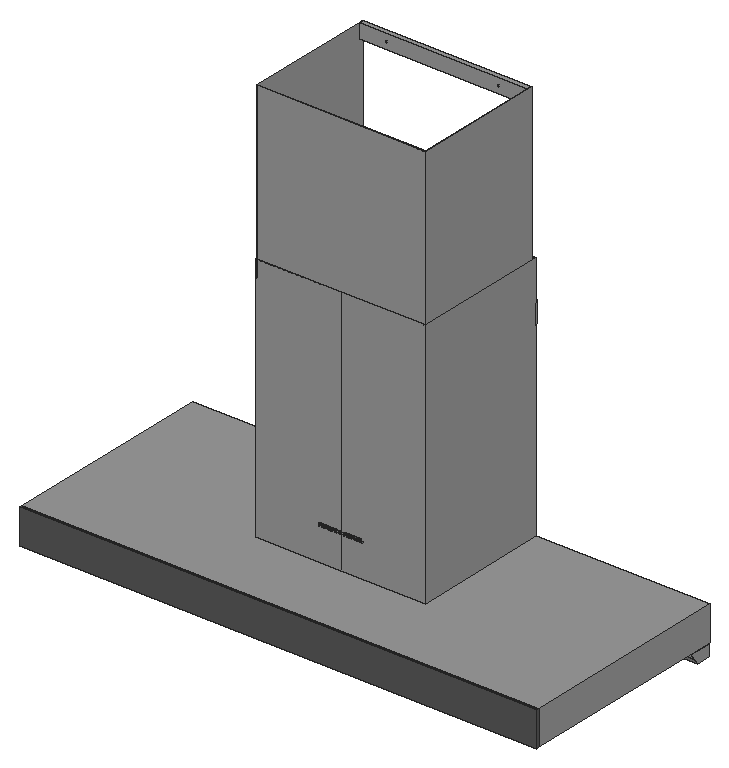
Revit family "FP-en-Revit9-HC120BCX2-Rangehood-0-90002310-CN", category Specialty Equipment, Revit 2019
Family settings
  Round Connector Dimension = Use Diameter
  Part Type = Normal
  OmniClass Number = 23.40.40.00
  OmniClass Title = Food Service Equipment and Furnishings
  Work Plane-Based = No
  Always vertical = Yes
  Cut with Voids When Loaded = Yes
  Shared = No
  Room Calculation Point = No
Parameters
  Visibility - Upper Chimney Extension [instance] = yes
  URL = "www.fisherpaykel.com"
  Product - Width = 1200 mm  # constant formula
  Product - Height (660mm - 1035mm) [instance] = 1020 mm
  Product - Depth = 531 mm  # constant formula
  Model = "HC120BCX2"
  Material - Glass = Fisher & Paykel - Glass, Black
  Material - Body = Fisher & Paykel - Stainless Steel
  Manufacturer = "Fisher & Paykel Appliances"
  FFL Offset [instance] = 1550 mm
  Description = "120cm Rangehood"
  Connector Description - Extraction = "200mm Adaptor"
  Connector Description - Electrical = "220-240 V, 50 Hz, 240 W"
  Chassis - Width = 395 mm  # constant formula
  Chassis - Height = 660 mm  # constant formula
  Chassis - Depth = 327 mm  # constant formula
Reference planes
  plane 1 "Datum": y = 0
  plane 2: z = 0
  plane 3 "Center (Left/Right)": x = 0
  plane 4 "Product LHS": x = -600
  plane 5 "Product RHS": x = 600
  plane 6 "Cavity LHS": x = -197.5
  plane 7 "Cavity RHS": x = 197.5
  plane 8 "FFL Offset": z = 1550
  plane 9 "Product - Height": z = 2570
  plane 10 "Product - Depth": y = -507.9
  plane 11 "Chassis - Height": z = 2210
  plane 12 "mounting": z = 2095
Forms (mm)
  Extrusion 1, solid, material "Fisher & Paykel - Stainless Steel" <- "Material - Body"
    sketch origin (0, 0, 0) x (1, 0, 0) y (0, 1, 0)
      loop
        line (-180, -7.5) -> (-197.5, -7.5) -> (-197.5, -327.5) -> (0, -327.5) -> (197.5, -327.5) -> (197.5, -7.5) -> (180, -7.5) -> (180, -8.5) -> (196.5, -8.5) -> (196.5, -326.5) -> (-196.5, -326.5) -> (-196.5, -8.5) -> (-180, -8.5) -> (-180, -7.5)
    from 1630 to 2210
  Extrusion 2, solid, material "Fisher & Paykel - Stainless Steel" <- "Material - Body", visible <- "Visibility - Upper Chimney Extension"
    sketch origin (0, 0, 0) x (1, 0, 0) y (0, 1, 0)
      loop
        line (-195.5, -18.812) -> (-196.5, -18.812) -> (-196.5, -326.5) -> (196.5, -326.5) -> (196.5, -18.812) -> (195.5, -18.812) -> (195.5, -325.8) -> (-195.5, -325.8) -> (-195.5, -18.812)
    from 2170 to 2570
  Extrusion 3, solid, material "Fisher & Paykel - Stainless Steel" <- "Material - Body"
    sketch origin (0, 0, 0) x (1, 0, 0) y (0, 1, 0)
      loop
        line (195.5, -8.5) -> (-195.5, -8.5) -> (-195.5, -325.8) -> (195.5, -325.8) -> (195.5, -8.5)
    from 1630 to 2065.28
  Extrusion 4, solid, material "Fisher & Paykel - Stainless Steel" <- "Material - Body"
    sketch origin (0, 0, 0) x (1, 0, 0) y (0, 1, 0)
      loop
        circle (-56.631, -164.548) r 102
      loop
        circle (-56.631, -164.548) r 98
    from 2065.28 to 2196.83
  Extrusion 5, solid, material "Fisher & Paykel - Stainless Steel" <- "Material - Body", detail levels fine
    sketch origin (0, 0, 0) x (1, 0, 0) y (0, 0, 1)
      loop
        line (-195, 2569.28) -> (-195, 2537.28) -> (195, 2537.28) -> (195, 2569.28) -> (-195, 2569.28)
      loop
        circle (-130, 2553.28) r 2.5
      loop
        circle (130, 2553.28) r 2.5
    from 29.898 to 17.898
  Extrusion 6, solid, material "Fisher & Paykel - Stainless Steel" <- "Material - Body"
    sketch origin (0, 0, 0) x (1, 0, 0) y (0, 1, 0)
      loop
        circle (48.891, -44.942) r 3
    from 2065.28 to 2136.28
  Extrusion 7, void
    sketch origin (0, 0, 0) x (0, 1, 0) y (0, 0, 1)
      loop
        line (-462.83, 1550) -> (-25.137, 1550) -> (-27.652, 1597.98) -> (-420.733, 1615.103) -> (-462.83, 1606.92) -> (-462.83, 1550)
    from -560 to 560
  Extrusion 8, solid, material "Fisher & Paykel - Stainless Steel" <- "Material - Body"
    sketch origin (0, -0.822, 0) x (0, 1, 0) y (0, 0, 1)
      loop
        line (-6.678, 1550) -> (-6.678, 1630) -> (-502.086, 1630) -> (-502.086, 1550) -> (-6.678, 1550)
    from -600 to 600
  Extrusion 9, solid, material "Fisher & Paykel - Glass, Black" <- "Material - Glass", detail levels medium+fine
    sketch origin (0, 0, 550) x (0, 1, 0) y (0, 0, 1)
      loop
        line (-502.908, 1080) -> (-507.9, 1080) -> (-507.9, 1000) -> (-502.908, 1000) -> (-502.908, 1080)
    from -600 to 600
  Extrusion 10, solid, material "Fisher & Paykel - Stainless Steel" <- "Material - Body", detail levels fine
    sketch origin (0, 0, 550) x (0, 1, 0) y (0, 0, 1)
      loop
        line (-41.392, 972) -> (-8.392, 972) -> (-8.392, 997) -> (-58.42, 997) -> (-56.716, 987.324) -> (-41.392, 972)
    from -600 to 600
  Extrusion 11, solid, material "Fisher & Paykel - Black", detail levels fine
    sketch origin (-152.5, 0, -15) x (1, 0, 0) y (0, 0, 1)
      loop
        circle (712.5, 1584.093) r 8.903
      loop
        circle (712.5, 1584.093) r 5.5
      loop
        circle (-407.5, 1584.093) r 8.903
      loop
        circle (-407.5, 1584.093) r 5.5
    from 0 to 7.5
  Extrusion 12, solid, material "Fisher & Paykel - Stainless Steel" <- "Material - Body", detail levels fine
    sketch origin (0, 0, 0) x (1, 0, 0) y (0, 0, 1)
      loop
        circle (140, 2095) r 2.5
      loop
        circle (190, 2095) r 2.5
      loop
        circle (-140, 2095) r 2.5
      loop
        circle (-190, 2095) r 2.5
      loop
        line (-197.5, 2070) -> (197.5, 2070) -> (197.5, 2120) -> (-197.5, 2120) -> (-197.5, 2070)
    from 4.5 to 7.5
  Extrusion 13, solid, material "Fisher & Paykel - Glass, Black" <- "Material - Glass", detail levels fine
    sketch origin (0, 0, 0) x (0, 1, 0) y (0, 0, 1)
      loop
        line (-378.15, 1574.738) -> (-38.275, 1547.99) -> (-37.962, 1551.978) -> (-377.836, 1578.726) -> (-378.15, 1574.738)
    from -300 to 300
  Extrusion 14, solid, material "Fisher & Paykel - Stainless Steel" <- "Material - Body", detail levels medium+fine
    sketch origin (0, 0, 0) x (1, 0, 0) y (0, 1, 0)
      loop
        line (67.95, -81.718) -> (67.95, -299.71) -> (185.95, -299.71) -> (185.95, -81.718) -> (67.95, -81.718)
    from 2065.28 to 2136.28
  Extrusion 15, solid, material "Fisher & Paykel - Bezel White", detail levels medium+fine
    sketch origin (0, 0, 0) x (0, 1, 0) y (0, 0, 1)
      loop
        line (-434.215, 1611.463) -> (-434.406, 1612.445) -> (-447.756, 1609.85) -> (-447.566, 1608.868) -> (-434.215, 1611.463)
    from -450 to 450
  Extrusion 16, solid, material "Fisher & Paykel - Stainless Steel" <- "Material - Body"
    sketch origin (0, 0, 0) x (1, 0, 0) y (0, 1, 0)
      loop
        line (-180, -7.5) -> (-180, -8.5) -> (180, -8.5) -> (180, -7.5) -> (-180, -7.5)
    from 2065.28 to 2120.28
Cuts and joins
  Extrusion 7 cuts Extrusion 1
  Extrusion 7 cuts Extrusion 3
  Extrusion 7 cuts Extrusion 8
  joined: Extrusion 3, Extrusion 8, Extrusion 16
Text (mm)
  text "Due to ongoing product development, product details are subject to change without notice. \nPlease always refer to www.fisherpaykel.com for the most current product information. \n© Fisher & Paykel 2020" at (41.04, -1225.549, 0), in view "Ref. Level (Plan)"
Dimensions and locks
  equal spacing: plane 4 "Product LHS", plane 3 "Center (Left/Right)", plane 5 "Product RHS"
  equal spacing: plane 6 "Cavity LHS", plane 3 "Center (Left/Right)", plane 7 "Cavity RHS"
  "Product - Height (660mm - 1035mm)": plane 9 "Product - Height" to plane 8 "FFL Offset"
  "FFL Offset": plane 8 "FFL Offset" to level
  "Product - Width": plane 4 "Product LHS" to plane 5 "Product RHS"
  "Chassis - Width": plane 6 "Cavity LHS" to plane 7 "Cavity RHS"
  equal spacing: cut or joined group of Extrusion 3, Extrusion 7, Extrusion 8, Extrusion 16, plane 3 "Center (Left/Right)", cut or joined group of Extrusion 3, Extrusion 7, Extrusion 8, Extrusion 16
  locked: cut or joined group of Extrusion 3, Extrusion 7, Extrusion 8, Extrusion 16 to cut or joined group of Extrusion 3, Extrusion 7, Extrusion 8, Extrusion 16 at 1120
  plane 10 "Product - Depth" to plane 1 "Datum" = 507.9 mm
  locked: cut or joined group of Extrusion 3, Extrusion 7, Extrusion 8, Extrusion 16 to plane 8 "FFL Offset" at 80
  equal spacing: Extrusion 13, plane 3 "Center (Left/Right)", Extrusion 13
  "Chassis - Height": cut or joined group of Extrusion 1, Extrusion 7 to plane 8 "FFL Offset"
  locked: Extrusion 2 to plane 9 "Product - Height" at 400
  Extrusion 16 to plane 1 "Datum" = 7.5 mm
  locked: cut or joined group of Extrusion 3, Extrusion 7, Extrusion 8, Extrusion 16 to plane 8 "FFL Offset" at 515.28
  locked: Extrusion 4 to plane 8 "FFL Offset" at 646.83
  locked: Extrusion 14 to plane 8 "FFL Offset" at 586.28
  locked: Extrusion 16 to cut or joined group of Extrusion 3, Extrusion 7, Extrusion 8, Extrusion 16 at 55
  locked: nested 1 to plane 8 "FFL Offset" at 159.306
  locked: plane 8 "FFL Offset" to Extrusion 10 at 28
  locked: plane 8 "FFL Offset" to Extrusion 10 at 3
  locked: plane 8 "FFL Offset" to plane 12 "mounting" at 545
  cut or joined group of Extrusion 3, Extrusion 7, Extrusion 8, Extrusion 16 to Extrusion 9 = 80 mm
  aligned and locked: level to plane 2
  aligned and locked: Extrusion 1 sketch curve to plane 6 "Cavity LHS"
  aligned and locked: plane 7 "Cavity RHS" to Extrusion 1 sketch curve
  aligned and locked: Extrusion 1 to Extrusion 3
  aligned and locked: plane 4 "Product LHS" to Extrusion 8
  aligned and locked: Extrusion 8 to plane 5 "Product RHS"
  aligned and locked: Extrusion 2 to plane 9 "Product - Height"
  aligned and locked: Extrusion 9 to plane 8 "FFL Offset"
  aligned and locked: Extrusion 11 to plane 1 "Datum"
  aligned and locked: cut or joined group of Extrusion 1, Extrusion 7 to Extrusion 9
  aligned and locked: Extrusion 9 to cut or joined group of Extrusion 3, Extrusion 7, Extrusion 8, Extrusion 16
  aligned and locked: Extrusion 4 to Extrusion 6
  aligned and locked: Extrusion 1 to cut or joined group of Extrusion 3, Extrusion 7, Extrusion 8, Extrusion 16
  aligned and locked: Extrusion 7 sketch curve to plane 8 "FFL Offset"
  aligned and locked: plane 4 "Product LHS" to Extrusion 9
  aligned and locked: Extrusion 9 to plane 5 "Product RHS"
  aligned and locked: cut or joined group of Extrusion 3, Extrusion 7, Extrusion 8, Extrusion 16 to plane 5 "Product RHS"
  aligned and locked: plane 4 "Product LHS" to cut or joined group of Extrusion 3, Extrusion 7, Extrusion 8, Extrusion 16
  aligned and locked: plane 4 "Product LHS" to Extrusion 10
  aligned and locked: Extrusion 10 to plane 5 "Product RHS"
  aligned and locked: plane 11 "Chassis - Height" to cut or joined group of Extrusion 1, Extrusion 7
  aligned and locked: Extrusion 6 to Extrusion 14
  aligned and locked: Extrusion 12 to cut or joined group of Extrusion 1, Extrusion 7
  aligned and locked: cut or joined group of Extrusion 1, Extrusion 7 to cut or joined group of Extrusion 3, Extrusion 7, Extrusion 8, Extrusion 16
  aligned and locked: Extrusion 14 to cut or joined group of Extrusion 3, Extrusion 7, Extrusion 8, Extrusion 16
  aligned and locked: Extrusion 4 to cut or joined group of Extrusion 3, Extrusion 7, Extrusion 8, Extrusion 16
  aligned and locked: cut or joined group of Extrusion 3, Extrusion 7, Extrusion 8, Extrusion 16 to Extrusion 14  (x2)
  aligned and locked: Extrusion 4 to Extrusion 16
  aligned and locked: Extrusion 1 to plane 11 "Chassis - Height"
Automatic sketch dimensions
  Extrusion 9 sketch curve to Extrusion 9 sketch curve = 4.992 mm
  Extrusion 9 sketch curve to Extrusion 9 sketch curve = 80 mm
  Extrusion 9 sketch curve to plane 8 "FFL Offset" = 0 mm
  Extrusion 11 sketch curve to Extrusion 11 sketch curve = 0 mm  (x4)
  plane 8 "FFL Offset" to Extrusion 11 sketch curve = 19.093 mm  (x2)
  Extrusion 11 sketch curve to plane 4 "Product LHS" = 40 mm
  plane 5 "Product RHS" to Extrusion 11 sketch curve = 40 mm
  Extrusion 4 sketch curve to Extrusion 4 sketch curve = 0 mm  (x2)
  Extrusion 4 sketch curve to plane 3 "Center (Left/Right)" = 56.631 mm
  plane 1 "Datum" to Extrusion 4 sketch curve = 164.548 mm
  Extrusion 9 sketch curve to plane 10 "Product - Depth" = 0 mm
  Extrusion 10 sketch curve to plane 8 "FFL Offset" = 3 mm
  plane 1 "Datum" to Extrusion 10 sketch curve = 58.42 mm
  plane 1 "Datum" to Extrusion 10 sketch curve = 8.392 mm
  Extrusion 10 sketch curve to Extrusion 10 sketch curve = 25 mm
  Extrusion 10 sketch curve to Extrusion 10 sketch curve = 1.704 mm
  Extrusion 10 sketch curve to plane 8 "FFL Offset" = 12.676 mm
  Extrusion 10 sketch curve to Extrusion 10 sketch curve = 15.324 mm
  plane 10 "Product - Depth" to Extrusion 15 sketch curve = 60.144 mm
  plane 8 "FFL Offset" to Extrusion 15 sketch curve = 58.868 mm
  Extrusion 15 sketch curve to Extrusion 15 sketch curve = 0.191 mm
  Extrusion 15 sketch curve to Extrusion 15 sketch curve = 13.35 mm
  Extrusion 15 sketch curve to Extrusion 15 sketch curve = 0.982 mm
  plane 3 "Center (Left/Right)" to Extrusion 6 sketch curve = 48.891 mm
  plane 1 "Datum" to Extrusion 6 sketch curve = 44.942 mm
  plane 1 "Datum" to Extrusion 16 sketch curve = 8.5 mm
  Extrusion 16 sketch curve to plane 6 "Cavity LHS" = 17.5 mm
  plane 7 "Cavity RHS" to Extrusion 16 sketch curve = 17.5 mm
  Extrusion 16 sketch curve to Extrusion 16 sketch curve = 1 mm
  plane 9 "Product - Height" to Extrusion 5 sketch curve = 0.72 mm
  Extrusion 5 sketch curve to plane 6 "Cavity LHS" = 2.5 mm
  plane 9 "Product - Height" to Extrusion 5 sketch curve = 16.72 mm  (x2)
  Extrusion 5 sketch curve to Extrusion 5 sketch curve = 65 mm
  plane 7 "Cavity RHS" to Extrusion 5 sketch curve = 67.5 mm
  plane 7 "Cavity RHS" to Extrusion 5 sketch curve = 2.5 mm
  Extrusion 5 sketch curve to Extrusion 5 sketch curve = 32 mm
  Extrusion 12 sketch curve to plane 6 "Cavity LHS" = 0 mm
  Extrusion 12 sketch curve to plane 7 "Cavity RHS" = 0 mm
  Extrusion 12 sketch curve to plane 6 "Cavity LHS" = 7.5 mm
  Extrusion 12 sketch curve to Extrusion 12 sketch curve = 50 mm
  plane 7 "Cavity RHS" to Extrusion 12 sketch curve = 57.5 mm
  plane 7 "Cavity RHS" to Extrusion 12 sketch curve = 7.5 mm
  plane 11 "Chassis - Height" to Extrusion 12 sketch curve = 140 mm
  Extrusion 12 sketch curve to Extrusion 12 sketch curve = 25 mm  (x4)
  Extrusion 12 sketch curve to Extrusion 12 sketch curve = 0 mm
  Extrusion 8 sketch curve to plane 8 "FFL Offset" = 0 mm
  plane 10 "Product - Depth" to Extrusion 8 sketch curve = 4.992 mm
  plane 1 "Datum" to Extrusion 8 sketch curve = 7.5 mm
  Extrusion 8 sketch curve to Extrusion 8 sketch curve = 80 mm
  plane 10 "Product - Depth" to Extrusion 7 sketch curve = 45.07 mm
  Extrusion 7 sketch curve to Extrusion 7 sketch curve = 42.097 mm
  plane 1 "Datum" to Extrusion 7 sketch curve = 27.652 mm
  plane 1 "Datum" to Extrusion 7 sketch curve = 25.137 mm
  plane 8 "FFL Offset" to Extrusion 7 sketch curve = 47.98 mm
  Extrusion 7 sketch curve to Extrusion 7 sketch curve = 56.92 mm
  Extrusion 7 sketch curve to Extrusion 7 sketch curve = 8.183 mm
  plane 8 "FFL Offset" to Extrusion 13 sketch curve = 24.738 mm
  plane 10 "Product - Depth" to Extrusion 13 sketch curve = 129.75 mm
  plane 8 "FFL Offset" to Extrusion 13 sketch curve = 28.726 mm
  Extrusion 13 sketch curve to Extrusion 13 sketch curve = 0.314 mm
  Extrusion 13 sketch curve to plane 8 "FFL Offset" = 2.01 mm
  Extrusion 2 sketch curve to plane 6 "Cavity LHS" = 1 mm
  Extrusion 2 sketch curve to Extrusion 2 sketch curve = 1 mm
  plane 7 "Cavity RHS" to Extrusion 2 sketch curve = 2 mm
  plane 7 "Cavity RHS" to Extrusion 2 sketch curve = 1 mm
  plane 10 "Product - Depth" to Extrusion 2 sketch curve = 181.4 mm
  Extrusion 2 sketch curve to Extrusion 2 sketch curve = 0.7 mm
  plane 1 "Datum" to Extrusion 2 sketch curve = 18.812 mm  (x2)
  Extrusion 1 sketch curve to plane 3 "Center (Left/Right)" = 0 mm
  Extrusion 1 sketch curve to plane 6 "Cavity LHS" = 1 mm
  Extrusion 1 sketch curve to Extrusion 1 sketch curve = 16.5 mm
  plane 1 "Datum" to Extrusion 1 sketch curve = 7.5 mm
  Extrusion 1 sketch curve to Extrusion 1 sketch curve = 17.5 mm
  plane 7 "Cavity RHS" to Extrusion 1 sketch curve = 1 mm
  Extrusion 1 sketch curve to Extrusion 1 sketch curve = 1 mm  (x3)
  plane 1 "Datum" to Extrusion 1 sketch curve = 8.5 mm
  plane 10 "Product - Depth" to Extrusion 1 sketch curve = 181.4 mm
  Extrusion 3 sketch curve to plane 6 "Cavity LHS" = 2 mm
  plane 7 "Cavity RHS" to Extrusion 3 sketch curve = 2 mm
  plane 10 "Product - Depth" to Extrusion 3 sketch curve = 182.1 mm
  plane 1 "Datum" to Extrusion 3 sketch curve = 8.5 mm
  plane 3 "Center (Left/Right)" to Extrusion 14 sketch curve = 67.95 mm
  plane 7 "Cavity RHS" to Extrusion 14 sketch curve = 11.55 mm
  plane 10 "Product - Depth" to Extrusion 14 sketch curve = 208.19 mm
  plane 1 "Datum" to Extrusion 14 sketch curve = 81.718 mm
  radius of Extrusion 11 sketch curve = 8.903 mm  (x2)
  radius of Extrusion 11 sketch curve = 5.5 mm  (x2)
  radius of Extrusion 4 sketch curve = 102 mm
  radius of Extrusion 4 sketch curve = 98 mm
  radius of Extrusion 6 sketch curve = 3 mm
  radius of Extrusion 5 sketch curve = 2.5 mm  (x2)
  radius of Extrusion 12 sketch curve = 2.5 mm  (x4)
Nested families
  nested 1: "F&P Logo 100mm" at (0.236, -327.38, 1706.109), type "Grey"
Connectors
  hvac at (-56.631, -164.548, 2196.83), driven by "Connector Description - Extraction"
    settings: on Extrusion 4, index 1, duct flow 0.0 L/s, flow factor 0, pres drop 0.0 Pa, loss coef 0, conn angle 0.00°, conn width 304.8 mm, conn height 304.8 mm, conn diameter 204 mm, duct sys type 3, conn prof type 0, flow config 0, flow direction 2, loss method 0, conn ref index -1, conn util no, is conn primary yes, conn desc "200mm Adaptor"
  electrical at (48.891, -44.942, 2136.28), driven by "Connector Description - Electrical"
    settings: on Extrusion 6, index 2, voltage 230 V, apparent load 0 VA, apparent load phase1 0 VA, apparent load phase2 0 VA, apparent load phase3 0 VA, power factor 1, load classification "Other", number of poles 1, system type 30, power factor state 1, is connector primary yes, connector utility no, sub classification motor no, connector description "220-240 V, 50 Hz, 240 W"
Definition of nested family "F&P Logo 100mm"
  Parameters (values of type "Chrome")
    URL = "www.fisherpaykel.com"
    Material - Logo = none
    Manufacturer = "Fisher & Paykel Appliances"
  Types (3): name
    (no name)
    Chrome
    Grey
  Reference planes
    plane 1 "Center (Front/Back)": y = 0
    plane 2: z = 0
    plane 3 "Center (Left/Right)": x = 0
  Forms (mm)
    Extrusion 1, solid, material <- "Material - Logo", detail levels fine
      sketch origin (0, 0, 0) x (1, 0, 0) y (0, 0, 1)
        loop
          line (-50.044, 0) -> (-48.47, 0) -> (-48.47, 2.138) -> (-46.011, 2.138) -> (-46.011, 3.472) -> (-48.47, 3.472) -> (-48.47, 4.712) -> (-45.795, 4.712) -> (-45.795, 6.04) -> (-50.044, 6.04) -> (-50.044, 0)
        loop
          line (-42.804, 6.04) -> (-42.804, 0) -> (-41.23, 0) -> (-41.23, 6.04) -> (-42.804, 6.04)
        loop
          line (-30.724, 6.04) -> (-30.724, 0) -> (-29.151, 0) -> (-29.151, 2.42) -> (-26.839, 2.42) -> (-26.839, 0) -> (-25.265, 0) -> (-25.265, 6.04) -> (-26.839, 6.04) -> (-26.839, 3.748) -> (-29.151, 3.748) -> (-29.151, 6.04) -> (-30.724, 6.04)
        loop
          line (-21.906, 6.04) -> (-21.906, 0) -> (-17.602, 0) -> (-17.602, 1.328) -> (-20.347, 1.328) -> (-20.347, 2.42) -> (-17.838, 2.42) -> (-17.838, 3.748) -> (-20.347, 3.748) -> (-20.347, 4.712) -> (-17.602, 4.712) -> (-17.602, 6.04) -> (-21.906, 6.04)
        loop
          line (45.667, 6.04) -> (45.667, 0) -> (49.956, 0) -> (49.956, 1.328) -> (47.241, 1.328) -> (47.241, 6.04) -> (45.667, 6.04)
        loop
          line (42.431, 6.04) -> (38.112, 6.04) -> (38.112, 0) -> (42.431, 0) -> (42.431, 1.328) -> (39.687, 1.328) -> (39.687, 2.42) -> (42.195, 2.42) -> (42.195, 3.748) -> (39.687, 3.748) -> (39.687, 4.712) -> (42.431, 4.712) -> (42.431, 6.04)
        loop
          line (33.451, 3.148) -> (35.683, 6.04) -> (33.844, 6.04) -> (31.915, 3.542) -> (31.915, 6.04) -> (30.342, 6.04) -> (30.342, 0) -> (31.915, 0) -> (31.915, 2.705) -> (33.903, 0) -> (35.763, 0) -> (33.451, 3.148)
        loop
          line (21.98, 6.04) -> (24.262, 2.42) -> (24.262, 0) -> (25.837, 0) -> (25.837, 2.341) -> (28.119, 6.04) -> (26.446, 6.04) -> (25.099, 3.707) -> (23.753, 6.04) -> (21.98, 6.04)
        loop
          line (18.479, 6.04) -> (16.983, 6.04) -> (14.524, 0) -> (16.069, 0) -> (16.501, 1.112) -> (18.921, 1.112) -> (19.354, 0) -> (20.938, 0) -> (18.479, 6.04)
        loop
          line (18.4, 2.439) -> (17.693, 4.174) -> (17.018, 2.439) -> (18.4, 2.439)
        loop
          line (8.031, 6.04) -> (8.031, 0) -> (9.605, 0) -> (9.605, 1.938) -> (10.599, 1.938)
          arc (10.599, 1.938) -> (12.65, 3.989) -> (10.599, 6.04) r 2.051
          line (10.599, 6.04) -> (8.031, 6.04)
        loop
          line (9.605, 4.712) -> (9.605, 3.197) -> (10.501, 3.197)
          arc (10.501, 3.197) -> (11.259, 3.954) -> (10.501, 4.712) r 0.757
          line (10.501, 4.712) -> (9.605, 4.712)
        loop
          line (-11.783, 6.04) -> (-14.366, 6.04) -> (-14.366, 0) -> (-12.792, 0) -> (-12.792, 1.336) -> (-11.992, 1.336) -> (-10.972, 0) -> (-9.153, 0) -> (-10.694, 1.973)
          arc (-10.694, 1.973) -> (-9.678, 4.424) -> (-11.783, 6.04) r 2.179
        loop
          line (-11.897, 4.712) -> (-12.792, 4.712) -> (-12.792, 3.053) -> (-11.897, 3.053)
          arc (-11.897, 3.053) -> (-11.068, 3.882) -> (-11.897, 4.712) r 0.83
        loop
          line (0.477, 4.712) -> (0.477, 6.153) -> (-3.575, 6.153) -> (-3.575, 4.851) -> (-2.974, 4.112)
          arc (-2.974, 4.112) -> (-3.51, 0.684) -> (-0.045, 0.512) r 2.334
          line (-0.045, 0.512) -> (0.46, -0.109) -> (2.246, -0.109) -> (0.86, 1.594) -> (2.061, 3.324) -> (0.443, 3.324) -> (-0.013, 2.667) -> (-1.677, 4.712) -> (0.477, 4.712)
        loop
          arc (-2.125, 3.068) -> (-2.269, 1.668) -> (-0.868, 1.524) r 0.996
          line (-0.868, 1.524) -> (-2.125, 3.068)
        loop
          line (-35.18, 3.634) -> (-36.516, 3.91)
          arc (-36.516, 3.91) -> (-37.049, 4.443) -> (-36.516, 4.976) r 0.533
          arc (-36.516, 4.976) -> (-35.235, 4.79) -> (-34.059, 4.248) r 4.505
          line (-34.059, 4.248) -> (-34.059, 5.743)
          arc (-34.059, 5.743) -> (-35.549, 6.179) -> (-37.1, 6.109) r 4.726
          arc (-37.1, 6.109) -> (-38.536, 4.335) -> (-37.1, 2.561) r 1.814
          line (-37.1, 2.561) -> (-35.754, 2.282)
          arc (-35.754, 2.282) -> (-35.221, 1.749) -> (-35.754, 1.216) r 0.533
          arc (-35.754, 1.216) -> (-37.035, 1.402) -> (-38.211, 1.945) r 4.505
          line (-38.211, 1.945) -> (-38.211, 0.449)
          arc (-38.211, 0.449) -> (-36.72, 0.013) -> (-35.169, 0.083) r 4.726
          arc (-35.169, 0.083) -> (-33.734, 1.863) -> (-35.18, 3.634) r 1.814
      from 0 to 0.8
  Dimensions and locks
    aligned and locked: level to plane 2
